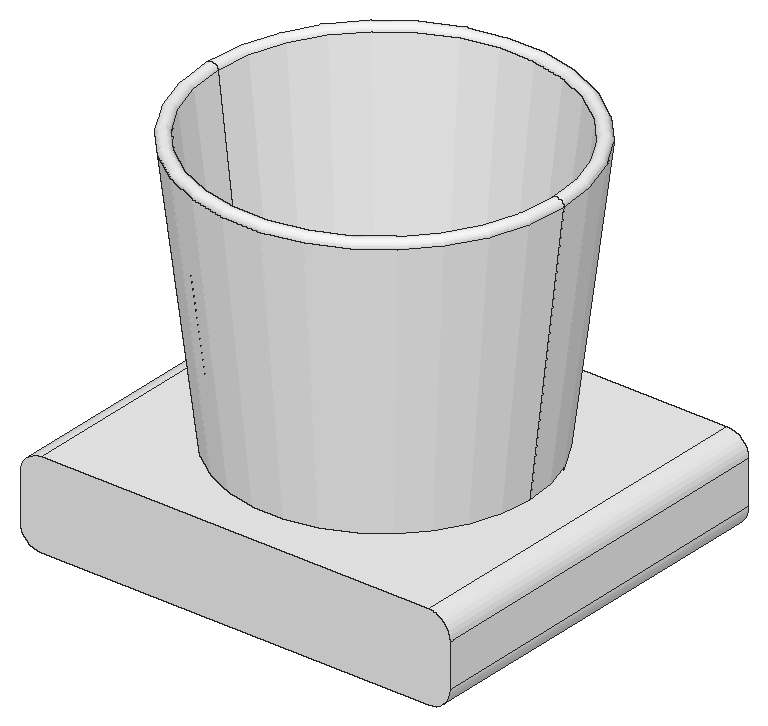
Revit family "LQ6020001_Cepillera", category Furniture, host Wall, Revit 2019
Family settings
  Host = Wall
  OmniClass Number = 23.31.25.00
  OmniClass Title = Toilet and Bath Specialties
  Always vertical = Yes
  Cut with Voids When Loaded = No
  Shared = No
  Room Calculation Point = No
Parameters (values of type "Type 1")
  Uso = "Residencial"  # constant formula
  URL = "https://corona.co/productos/accesorios/kit-de-accesorios/kit-por-6-accesorios-liquid/p/LQ6080001"
  Tecnologías = "DuraCrome"  # constant formula
  Resistencia = "Resistente a la corrosión\r\npelado y decoloración por agua\r\nResistencia al peso general hasta 9 kg\r\nResistencia al peso del toallero barra hasta 23 kg"  # constant formula
  Referencia = "LQ6020001"  # constant formula
  Profundidad = 86.5 mm  # constant formula
  Número de piezas = "6"  # constant formula
  Material = Corona_Cromado
  Manufacturer = "Corona"  # constant formula
  Línea = "Liquid"  # constant formula
  Garantía Acabados = "5 años en acabados"  # constant formula
  Garantía = "30 años en estructura"  # constant formula
  Fecha de creación = "13/08/2020"  # constant formula
  Description = "La línea de griferías, duchas y accesorios Liquid se inspira en la tensión superficial del agua y en cómo esta crea formas armoniosas adaptándose al ambiente. Al igual que el agua, las superficies de las griferías Liquid juegan con la luz y los reflejos que fluyen alrededor de sus formas. Sus líneas continuas y simplicidad formal proporcionan la ventaja práctica, limpieza sin esfuerzo."  # constant formula
  Creado por = "IDD"  # constant formula
  Componentes = "Percha - Toallero - Jabonera - Barra - Cepillera - Portarrollo"  # constant formula
  Colección = "Liquid"  # constant formula
  Ancho = 100 mm  # constant formula
  Altura = 900 mm
  Alto = 95 mm  # constant formula
Reference planes
  plane 1 "Wall": y = 0
  plane 2 "Center (Left/Right)": x = 125
  plane 3 "Back": y = 75
  plane 4: z = 900
  plane 5: x = 175
  plane 6: x = 75
  plane 7: z = 947.5
  plane 8: z = 852.5
  plane 9: y = 161.5
Text (mm)
  text "Placement Side" at (-1848.837, 1116.779, 0), in view "Ref. Level"
  text "Placement side" at (0, 1409.804, 2854.306), in view "Left"
  text "Placement side" at (0, 499.811, 2980.732), in view "Right"
Dimensions and locks
  locked: plane 3 "Back" to host wall
  equal spacing: plane 8, plane 4, plane 7
  "Alto": plane 8 to plane 7
  equal spacing: plane 6, plane 2 "Center (Left/Right)", plane 5
  "Ancho": plane 6 to plane 5
  "Profundidad": plane 9 to host wall
  plane 4 to plane 8 = 47.5 mm
  "Altura": plane 4 to level
  aligned and locked: plane 1 "Wall" to host wall
  aligned and locked: nested 1 to plane 7
  aligned and locked: nested 3 to plane 7
  aligned and locked: nested 3 to plane 5
  aligned and locked: nested 4 to plane 9
  aligned and locked: nested 4 to plane 5
  aligned and locked: plane 7 to nested 2
  aligned and locked: plane 5 to nested 2
Nested families
  nested 1: "Lateral" at (125, 75, 852.5) x (0, -1, 0) z (1, 0, 0), type "Lateral"
  nested 2: "Cepillera" at (75, 127.5, 852.5), type "Cepillera"
  nested 3: "Frontal" at (175, 0, 852.5) x (-1, 0, 0) z (0, -1, 0), type "Frontal"
  nested 4: "Planta" at (75, 75, 0), type "Planta"
Definition of nested family "Cepillera"
  Parameters (values of type "Cepillera")
    Profundidad = 86.5 mm
    Material = none
    Ancho = 100 mm
    Alto = 95 mm
  Reference planes
    plane 1 "Center (Front/Back)": y = 0
    plane 2: z = 0
    plane 3 "Center (Left/Right)": x = 0
    plane 4: x = 100
    plane 5: y = 43.25
    plane 6: y = -43.25
    plane 7: z = 95
  Forms (mm)
    Extrusion 1, solid, material <- "Material", detail levels coarse
      sketch origin (0, 0, 0) x (1, 0, 0) y (0, 1, 0)
        loop
          line (0, 43.25) -> (0, -43.25) -> (100, -43.25) -> (100, 43.25) -> (0, 43.25)
      from 0 to 95
    Extrusion 2, solid, material <- "Material", detail levels medium+fine
      sketch origin (0, 0, 0) x (1, 0, 0) y (0, 0, 1)
        loop
          line (5, 10) -> (95, 10)
          arc (95, 10) -> (98.536, 11.464) -> (100, 15) r 5
          line (100, 15) -> (100, 25)
          arc (100, 25) -> (98.536, 28.536) -> (95, 30) r 5
          line (95, 30) -> (5, 30)
          arc (5, 30) -> (1.464, 28.536) -> (0, 25) r 5
          line (0, 25) -> (0, 15)
          arc (0, 15) -> (1.464, 11.464) -> (5, 10) r 5
      from -43.25 to 43.25
    Revolve 3, solid, detail levels medium+fine
      sketch origin (0, 0, 0) x (1, 0, 0) y (0, 0, 1)
        loop
          line (50, 0) -> (50, 3) -> (24.218, 3)
          arc (24.218, 3) -> (22.893, 3.502) -> (22.233, 4.756) r 2
          line (22.233, 4.756) -> (11.313, 93.694)
          arc (11.313, 93.694) -> (9.641, 95) -> (8.335, 93.328) r 1.5
          line (8.335, 93.328) -> (19.256, 4.391)
          arc (19.256, 4.391) -> (20.905, 1.255) -> (24.218, 0) r 5
          line (24.218, 0) -> (50, 0)
        axis (50, 93.694) -> (50, 0)
      angle from 0 to 360
  Dimensions and locks
    equal spacing: plane 5, plane 1 "Center (Front/Back)", plane 6
    "Profundidad": plane 5 to plane 6
    "Ancho": plane 3 "Center (Left/Right)" to plane 4
    "Alto": plane 7 to level
    aligned and locked: level to plane 2
    aligned and locked: Extrusion 1 sketch curve to plane 5
    aligned and locked: plane 4 to Extrusion 1 sketch curve
    aligned and locked: plane 6 to Extrusion 1 sketch curve
    aligned and locked: plane 7 to Extrusion 1
    aligned and locked: plane 5 to Extrusion 2
  Automatic sketch dimensions
    Extrusion 1 sketch curve to plane 3 "Center (Left/Right)" = 0 mm
    Extrusion 2 sketch curve to plane 3 "Center (Left/Right)" = 0 mm
    plane 4 to Extrusion 2 sketch curve = 0 mm
    plane 3 "Center (Left/Right)" to Extrusion 2 sketch curve = 5 mm  (x2)
    Extrusion 2 sketch curve to Extrusion 2 sketch curve = 5 mm
    plane 4 to Extrusion 2 sketch curve = 5 mm
    level to Extrusion 2 sketch curve = 10 mm
    Extrusion 2 sketch curve to Extrusion 2 sketch curve = 10 mm
    Revolve 3 sketch curve to Revolve 3 sketch curve = 0 mm  (x5)
    Revolve 3 sketch curve to plane 7 = 1.672 mm
    Revolve 3 sketch curve to level = 0 mm  (x2)
    Revolve 3 sketch curve to plane 7 = 1.489 mm
    Revolve 3 sketch curve to Revolve 3 sketch curve = 1.489 mm
    level to Revolve 3 sketch curve = 4.391 mm
    level to Revolve 3 sketch curve = 4.756 mm
    Revolve 3 sketch curve to Revolve 3 sketch curve = 1.985 mm
    Revolve 3 sketch curve to Revolve 3 sketch curve = 25.782 mm
    Revolve 3 sketch curve to level = 15 mm
    plane 3 "Center (Left/Right)" to Revolve 3 sketch curve = 8.335 mm
    Revolve 3 sketch curve to plane 7 = 1.306 mm
    plane 3 "Center (Left/Right)" to Revolve 3 sketch curve = 19.256 mm
    Revolve 3 sketch curve to Revolve 3 sketch curve = 2.978 mm
Definition of nested family "Lateral"
  Reference planes
    plane 1 "Center (Front/Back)": y = 0
    plane 2: z = 0
    plane 3 "Center (Left/Right)": x = 0
    plane 4: y = 95
    plane 5: x = -86.5
  Lines and regions (mm)
    detail lines, in view "Ref. Level"
      curve 1: line (-86.5, 10, 0) -> (0, 10, 0)
      curve 2: line (-86.5, 30, 0) -> (0, 30, 0)
      curve 3: line (-86.5, 10, 0) -> (-86.5, 30, 0)
      curve 4: line (0, 10, 0) -> (0, 30, 0)
      curve 5: line (-74.774, 0, 0) -> (-11.726, 0, 0)
      curve 6: line (-83.25, 95, 0) -> (-77.45, 30, 0)
      curve 7: line (-3.25, 95, 0) -> (-9.05, 30, 0)
      curve 8: line (-83.25, 95, 0) -> (-3.25, 95, 0)
      curve 9: line (-75.666, 10, 0) -> (-74.774, 0, 0)
      curve 10: line (-10.834, 10, 0) -> (-11.726, 0, 0)
Definition of nested family "Frontal"
  Reference planes
    plane 1 "Center (Front/Back)": y = 0
    plane 2: z = 0
    plane 3 "Center (Left/Right)": x = 0
    plane 4: x = 100
    plane 5: y = 95
  Lines and regions (mm)
    detail lines, in view "Ref. Level"
      curve 1: line (0, 10, 0) -> (100, 10, 0)
      curve 2: line (0, 30, 0) -> (100, 30, 0)
      curve 3: line (0, 10, 0) -> (0, 30, 0)
      curve 4: line (100, 10, 0) -> (100, 30, 0)
      curve 5: line (18.476, 0, 0) -> (81.524, 0, 0)
      curve 6: line (10, 95, 0) -> (15.8, 30, 0)
      curve 7: line (90, 95, 0) -> (84.2, 30, 0)
      curve 8: line (10, 95, 0) -> (90, 95, 0)
      curve 9: line (17.584, 10, 0) -> (18.476, 0, 0)
      curve 10: line (82.416, 10, 0) -> (81.524, 0, 0)
Definition of nested family "Planta"
  Reference planes
    plane 1 "Center (Front/Back)": y = 0
    plane 2: z = 0
    plane 3 "Center (Left/Right)": x = 0
    plane 4: x = 100
    plane 5: y = 86.5
  Lines and regions (mm)
    detail lines, in view "Ref. Level"
      curve 1: line (0, 86.5, 0) -> (100, 86.5, 0)
      curve 2: line (0, 0, 0) -> (0, 86.5, 0)
      curve 3: line (100, 0, 0) -> (0, 0, 0)
      curve 4: line (100, 86.5, 0) -> (100, 0, 0)
      curve 5: circle (50, 43.25, 0) r 35 normal (0, 0, 1)
      curve 6: circle (50, 43.25, 0) r 7.041 normal (0, 0, 1)
      curve 7: line (49, 50.22, 0) -> (49, 70.291, 0)
      curve 8: line (49, 70.291, 0) -> (51, 70.291, 0)
      curve 9: line (51, 70.291, 0) -> (51, 50.22, 0)
      curve 10: arc (49, 53.2, 0) -> (50, 33.25, 0) -> (51, 53.2, 0) r 10
